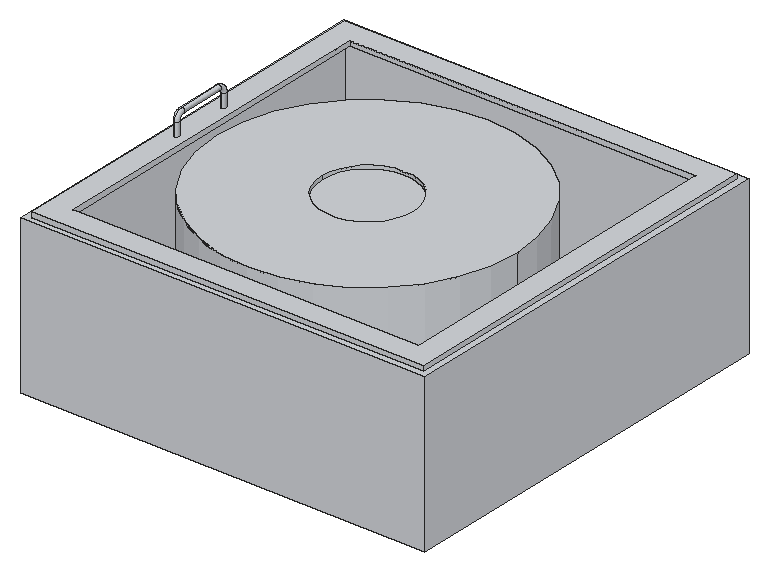
Revit family "b32f42bea1344c6fa1e56c6e7d354afd", category Mechanical Equipment, host Face, Revit 2021
Family settings
  Host = Face
  Round Connector Dimension = Use Radius
  Part Type = Normal
  OmniClass Number = 23.65.70.17.11.27
  OmniClass Title = Cabinets for Fire Hoses
  Seek Item ID = Hose Reel Cabinet - Surface Mounted-0000-USA-ENU
  Cut with Voids When Loaded = No
  Shared = No
  Room Calculation Point = No
Parameters (values of type "1"")
  Flow Pressure [instance] = 5.00 psi
  Nominal Radius = Nominal Diameter / 2  # 1/2"
  Nominal Diameter = 1"
  Hose Material = none
  Flow [instance] = 40 GPM
  Default Elevation = 2' - 4"
  Cabinet Material = none
Reference planes (in)
  plane 1 "Center (Front/Back)": y = 0
  plane 2: z = 0
  plane 3 "Center (Left/Right)": x = 0
  plane 4: y = 31
  plane 5: x = -15.5
  plane 6: x = 15.5
  plane 7: z = 12
  plane 8: y = 30.5
  plane 9: y = 0.5
  plane 10: x = -15
  plane 11: x = 15
  plane 12: z = 0.8125
  plane 13: x = -2.875
  plane 14: y = 17.5
  plane 15: x = -13.25
  plane 16: y = 28.75
  plane 17: x = 13.25
  plane 18: y = 2.25
  plane 19: z = 12.375
  plane 20: z = 10.4375
  plane 21: z = 10.1875
  plane 22: z = 5.8125
  plane 23 "1": z = 6
  plane 24: x = 7.5625
  plane 25: y = 5
  plane 26: y = 3.5625
  plane 27: y = 7.0625
  plane 28: x = -6.125
  plane 29: y = 2.625
  plane 30 "2": x = -14.125
  plane 31 "mi": y = 15.5
Forms (in)
  Extrusion 1, solid, material <- "Cabinet Material"
    sketch origin (0, 0, 0) x (1, 0, 0) y (0, 1, 0)
      loop
        line (-15.5, 31) -> (-15.5, 0) -> (15.5, 0) -> (15.5, 31) -> (-15.5, 31)
    from 0 to 12
  Extrusion 2, void
    sketch origin (0, 0, 0) x (1, 0, 0) y (0, 1, 0)
      loop
        line (-15, 30.5) -> (-15, 0.5) -> (15, 0.5) -> (15, 30.5) -> (-15, 30.5)
    from 0.8125 to 12
  Extrusion 3, solid, material <- "Cabinet Material"
    sketch origin (0, 0, 0) x (1, 0, 0) y (0, 1, 0)
      loop
        line (-15, 30.5) -> (-15, 0.5) -> (15, 0.5) -> (15, 30.5) -> (-15, 30.5)
      loop
        line (-13.25, 28.75) -> (-13.25, 2.25) -> (13.25, 2.25) -> (13.25, 28.75) -> (-13.25, 28.75)
    from 12.375 to 12
  Extrusion 4, solid, material <- "Cabinet Material", detail levels fine
    sketch origin (0, 0, 0) x (1, 0, 0) y (0, 1, 0)
      loop
        circle (-2.875, 17.5) r 11.5
    from 0.8125 to 10.4375
  Extrusion 5, void
    sketch origin (0, 0, 0) x (1, 0, 0) y (0, 1, 0)
      loop
        circle (-2.875, 17.5) r 3.5
    from 10.1875 to 10.4375
  Extrusion 6, solid, material <- "Hose Material", detail levels fine
    sketch origin (0, 0, 0) x (1, 0, 0) y (0, 0, 1)
      loop
        circle (7.5625, 5.8125) r 0.5
    from -3.5625 to -5
  Extrusion 7, solid, material <- "Hose Material", detail levels fine
    sketch origin (0, 0, 0) x (1, 0, 0) y (0, 0, 1)
      loop
        circle (7.5625, 5.8125) r 0.375
    from -17.5 to -5
  Sweep 8, solid, material <- "Hose Material", detail levels fine
    path in 3D
      loop
        arc (-1.6875, 7.0625, 6) -> (-2.98721, 3.92471, 6) -> (-6.125, 2.625, 6) r 4.4375
        line (-6.125, 2.625, 6) -> (-15.5, 2.625, 6)
    profile origin (-10.8125, 2.625, 6) x (0, -1, 0) y (0, 0, 1)
      loop
        circle (0, 0) r 0.375
  Sweep 9, solid, material <- "Cabinet Material", detail levels fine
    path in 3D
      loop
        line (-14.125, 17.75, 12.375) -> (-14.125, 17.75, 13.375)
        arc (-14.125, 17.75, 13.375) -> (-14.125, 17.60355, 13.72855) -> (-14.125, 17.25, 13.875) r 0.5
        line (-14.125, 17.25, 13.875) -> (-14.125, 13.75, 13.875)
        arc (-14.125, 13.75, 13.875) -> (-14.125, 13.39645, 13.72855) -> (-14.125, 13.25, 13.375) r 0.5
        line (-14.125, 13.25, 13.375) -> (-14.125, 13.25, 12.375)
    profile origin (-14.125, 15.5, 13.875) x (0, 0, -1) y (1, 0, 0)
      loop
        circle (0, 0) r 0.1875
Cuts and joins
  Extrusion 5 cuts Extrusion 4
  Extrusion 5 cuts Extrusion 3
  Extrusion 2, Extrusion 5 cuts Extrusion 1
Lines and regions (in)
  reference lines
    curve 1: line (-6.125, 2.625, 6) -> (-15.5, 2.625, 6)
    curve 2: arc (-6.125, 2.625, 6) -> (-2.98721, 3.92471, 6) -> (-1.6875, 7.0625, 6) r 4.4375
    curve 5: line (-14.125, 17.75, 12.375) -> (-14.125, 17.75, 13.375)
    curve 6: arc (-14.125, 17.75, 13.375) -> (-14.125, 17.60355, 13.72855) -> (-14.125, 17.25, 13.875) r 0.5
    curve 7: line (-14.125, 17.25, 13.875) -> (-14.125, 13.75, 13.875)
    curve 8: line (-14.125, 13.25, 12.375) -> (-14.125, 13.25, 13.375)
    curve 9: arc (-14.125, 13.25, 13.375) -> (-14.125, 13.39645, 13.72855) -> (-14.125, 13.75, 13.875) r 0.5
  sketch lines
    curve 3: line (-6.125, 2.625, 6) -> (-15.5, 2.625, 6)
    curve 4: arc (-6.125, 2.625, 6) -> (-2.98721, 3.92471, 6) -> (-1.6875, 7.0625, 6) r 4.4375
    curve 10: line (-14.125, 17.25, 13.875) -> (-14.125, 13.75, 13.875)
    curve 11: arc (-14.125, 17.75, 13.375) -> (-14.125, 17.60355, 13.72855) -> (-14.125, 17.25, 13.875) r 0.5
    curve 12: line (-14.125, 17.75, 12.375) -> (-14.125, 17.75, 13.375)
    curve 13: arc (-14.125, 13.25, 13.375) -> (-14.125, 13.39645, 13.72855) -> (-14.125, 13.75, 13.875) r 0.5
    curve 14: line (-14.125, 13.25, 12.375) -> (-14.125, 13.25, 13.375)
Dimensions and locks (in)
  locked: plane 4 to plane 1 "Center (Front/Back)" at 31
  plane 5 to plane 6 = 2' - 7"
  equal spacing: plane 5, plane 3 "Center (Left/Right)", plane 6
  plane 7 to plane 2 = 1' - 0"
  locked: plane 5 to plane 10 at 0.5
  locked: plane 11 to plane 6 at 0.5
  locked: plane 9 to plane 1 "Center (Front/Back)" at 0.5
  locked: plane 4 to plane 8 at 0.5
  plane 12 to plane 2 = 0' - 0 13/16"  (x2)
  locked: plane 4 to plane 14 at 13.5
  locked: plane 5 to plane 13 at 12.625
  locked: plane 20 to plane 2 at 10.4375
  locked: plane 20 to plane 21 at 0.25
  plane 22 to plane 2 = 0' - 5 13/16"
  locked: plane 23 "1" to plane 2 at 6
  plane 24 to plane 6 = 0' - 7 15/16"
  locked: plane 26 to plane 18 at 1.3125
  plane 25 to plane 26 = 0' - 1 7/16"
  plane 15 to plane 28 = 0' - 7 1/8"
  locked: plane 27 to plane 18 at 4.8125
  plane 5 to plane 30 "2" = 0' - 1 3/8"
  equal spacing: plane 1 "Center (Front/Back)", plane 31 "mi", plane 4
  radius of Extrusion 5 sketch curve = 0' - 3 1/2"
  radius of Sweep 9 sketch curve = 0' - 0 3/16"
  aligned and locked: plane 2 to host face
  aligned and locked: level to host face
  aligned and locked: plane 5 to Extrusion 1 sketch curve
  aligned and locked: Extrusion 1 sketch curve to plane 4
  aligned and locked: plane 1 "Center (Front/Back)" to Extrusion 1 sketch curve
  aligned and locked: plane 6 to Extrusion 1 sketch curve
  aligned and locked: plane 7 to Extrusion 1
  aligned and locked: Extrusion 1 to level
  aligned and locked: plane 10 to Extrusion 2 sketch curve
  aligned and locked: Extrusion 2 sketch curve to plane 8
  aligned and locked: plane 9 to Extrusion 2 sketch curve
  aligned and locked: plane 11 to Extrusion 2 sketch curve
  aligned and locked: Extrusion 1 to Extrusion 2
  aligned and locked: plane 15 to Extrusion 3 sketch curve
  aligned and locked: plane 16 to Extrusion 3 sketch curve
  aligned and locked: plane 18 to Extrusion 3 sketch curve
  aligned and locked: plane 17 to Extrusion 3 sketch curve
  aligned and locked: plane 19 to Extrusion 3
  aligned and locked: plane 13 to Extrusion 4 sketch curve
  aligned and locked: plane 14 to Extrusion 4 sketch curve
  aligned and locked: plane 20 to Extrusion 4
  aligned and locked: Extrusion 2 to plane 12
  aligned and locked: plane 13 to Extrusion 5 sketch curve
  aligned and locked: plane 14 to Extrusion 5 sketch curve
  aligned and locked: plane 20 to Extrusion 5
  aligned and locked: Extrusion 5 to plane 21
  aligned and locked: plane 22 to Extrusion 6 sketch curve
  aligned and locked: plane 24 to Extrusion 6 sketch curve
  aligned and locked: plane 22 to Extrusion 7 sketch curve
  aligned and locked: plane 24 to Extrusion 7 sketch curve
  aligned and locked: Extrusion 6 to plane 25
  aligned and locked: Extrusion 6 to plane 26
  aligned and locked: Extrusion 7 to plane 14
  aligned and locked: Extrusion 7 to Extrusion 6
  aligned and locked: curve 2 to plane 27
Automatic sketch dimensions
  curve 1 to plane 5 = 0' - 0"
  curve 2 to plane 29 = 0' - 0"
  curve 1 to plane 28 = 0' - 0"
  Sweep 8 sketch curve to profile plane = 0' - 0"  (x2)
  curve 8 to plane 19 = 0' - 0"
  curve 5 to plane 19 = 0' - 0"
  curve 9 to plane 31 "mi" = 0' - 2 1/4"
  curve 8 to curve 9 = 0' - 0 1/2"
  curve 6 to plane 14 = 0' - 0 1/4"
  plane 14 to curve 5 = 0' - 0 1/4"
  plane 19 to curve 6 = 0' - 1"
  Sweep 9 sketch curve to profile plane = 0' - 0"  (x2)
  Extrusion 3 sketch curve to plane 9 = 0' - 0"
  Extrusion 3 sketch curve to plane 10 = 0' - 0"
  Extrusion 3 sketch curve to plane 8 = 0' - 0"
  Extrusion 3 sketch curve to plane 11 = 0' - 0"
  host sketch curve to host sketch curve = 8' - 0"  (x2)
  radius of Extrusion 4 sketch curve = 0' - 11 1/2"
  radius of Extrusion 6 sketch curve = 0' - 0 1/2"
  radius of Extrusion 7 sketch curve = 0' - 0 3/8"
  radius of Sweep 8 sketch curve = 0' - 0 3/8"
Connectors (in)
  piping at (-15.5, 2.625, 6), diameter 1, driven by "Nominal Radius", driven by "Flow", driven by "Flow Pressure"
    settings: on Sweep 8, index 1, connector inside diameter 1", connector length 0' - 0", flow factor 0, pipe flow 40 GPM, pressure drop 5.00 psi, fitting loss kfactor 0, connector angle 0.00°, fixture units 0, engagement length 0' - 0", angle of deflection 0.00°, flow configuration 1, flow direction 1, fitting loss method 4, system type 26, joint type 0, gender type 0, connector reference index -1, connector utility 0, adjustable connector no, is connector primary yes, connector description "In"
